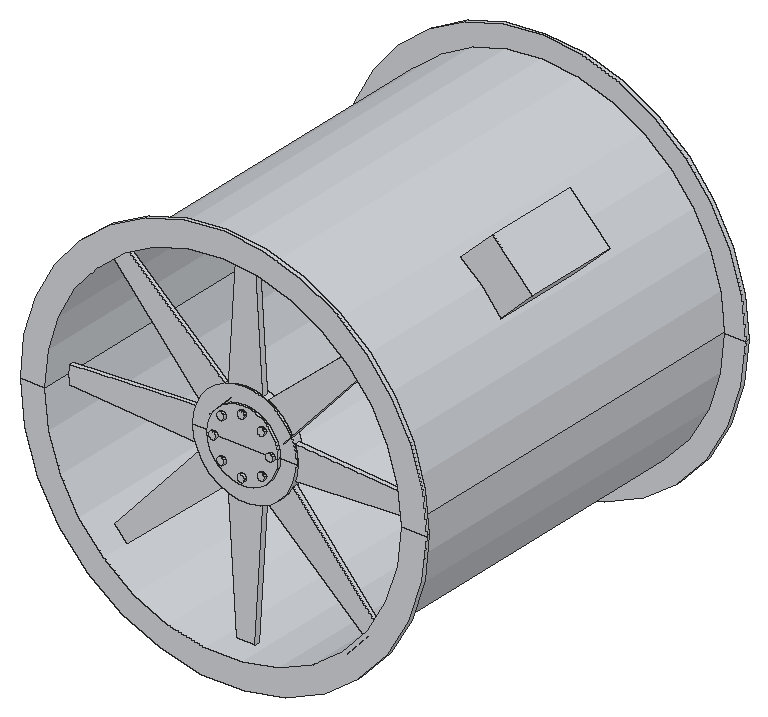
Revit family "CADS_Vent-Axia_MechEquip_Fan_LCA_500_3Ph2P - SUPPLY", category Mechanical Equipment, Revit 2020
Family settings
  Round Connector Dimension = Use Diameter
  Part Type = Normal
  OmniClass Number = 23.75.00.00
  OmniClass Title = Climate Control (HVAC)
  Work Plane-Based = No
  Always vertical = Yes
  Cut with Voids When Loaded = No
  Shared = No
  Room Calculation Point = No
Parameters (values of type "LCA503210")
  nr = NominalDiameter / 2  # 250 mm
  WorkingPressure = 0.0 Pa
  WarrantyStartDate [instance] = "1900-12-31T23:59:59"
  WarrantyPeriod = ""
  WarrantyIdentifier = "N/A"
  WarrantyGuarantorParts = "tech@vent-axia.com"
  WarrantyGuarantorLabor = "tech@vent-axia.com"
  WarrantyGuarantor = "Vent-Axia Limited"
  WarrantyEndDate [instance] = "1900-12-31T23:59:59"
  WarrantyContent = ""
  TemperatureRange = ""
  TagNumber [instance] = "N/A"
  SustainabilityPerformance = ""
  Status = "New"
  Size = ""
  Shape = ""
  ServiceLifeType = ""
  ServiceLifeDuration = ""
  SerialNumber [instance] = "N/A"
  ReplacementCost = ""
  RatedVoltage = 0 V
  RatedCurrent = 0 A
  Quantity = 1
  ProductionYear = ""
  PressureCurve = ""
  PowerFactor = ""
  PointOfContact = ""
  NumberOfPoles = 0
  NominalWidth = 500 mm
  NominalLength = 565 mm
  NominalHeight = 500 mm
  NominalFrequencyRange = ""
  NominalDiameter = 500 mm
  ModelReference = "LCAX 500mm 3PH 2P 10DEG"
  ModelNumber = "LCA503210"
  Material = ""
  ManufacturerE-Mail = "tech@vent-axia.com"
  ManufacturerAddress = "Fleming Way\nCrawley \nRH10 9YX"
  IsExtendedWarranty = no
  InsulationStandardClass = ""
  InstallationDate [instance] = "1900-12-31T23:59:59"
  IfcExportType [instance] = ""
  IfcExportAs = "IfcFanType"
  IP_Code = ""
  HasProtectiveEarth = no
  GrossWeight = 0.00 kg
  Grade = ""
  GlobalTradeItemNumber [instance] = "N/A"
  Fitting Type = "Ignore"
  Finish = ""
  Features = ""
  ExteriorInsulation = no
  ExpectedServiceLife = 0
  Exclusions = ""
  DurationUnit = "Year"
  Default Elevation = 0 mm
  Constituents = ""
  ConductorFunction = ""
  Color = ""
  CodePerformance = ""
  Category = ""
  CADS_Usage = 0
  CADS_Index = 0
  AssetType = "FIXED"
  AssetIdentifier [instance] = "N/A"
  AssemblyPlace = "UNKNOWN"
  ArticleNumber [instance] = "N/A"
  AirflowRateRange = 0.0 L/s
  Air Flow [instance] = 0.0 L/s
  AccessibilityPerformance = ""
Types (16, lengths in mm): name | ModelReference | ModelNumber
  LCA503210 | "LCAX 500mm 3PH 2P 10DEG" | "LCA503210"
  LCA503212 | "LCAX 500mm 3PH 2P 12DEG" | "LCA503212"
  LCA503214 | "LCAX 500mm 3PH 2P 14DEG" | "LCA503214"
  LCA503216 | "LCAX 500mm 3PH 2P 16DEG" | "LCA503216"
  LCA503218 | "LCAX 500mm 3PH 2P 18DEG" | "LCA503218"
  LCA503220 | "LCAX 500mm 3PH 2P 20DEG" | "LCA503220"
  LCA503222 | "LCAX 500mm 3PH 2P 22DEG" | "LCA503222"
  LCA503224 | "LCAX 500mm 3PH 2P 24DEG" | "LCA503224"
  LCA503226 | "LCAX 500mm 3PH 2P 26DEG" | "LCA503226"
  LCA503228 | "LCAX 500mm 3PH 2P 28DEG" | "LCA503228"
  LCA503230 | "LCAX 500mm 3PH 2P 30DEG" | "LCA503230"
  LCA503232 | "LCAX 500mm 3PH 2P 32DEG" | "LCA503232"
  LCA503234 | "LCAX 500mm 3PH 2P 34DEG" | "LCA503234"
  LCA503236 | "LCAX 500mm 3PH 2P 36DEG" | "LCA503236"
  LCA503238 | "LCAX 500mm 3PH 2P 38DEG" | "LCA503238"
  LCA503240 | "LCAX 500mm 3PH 2P 40DEG" | "LCA503240"
Reference planes
  plane 1 "Center (Front/Back)": y = 0
  plane 2: z = 0
  plane 3 "Center (Left/Right)": x = 0
  plane 4: x = -250
  plane 5: x = 250
  plane 6 "F": y = -282.5
  plane 7 "B": y = 282.5
  plane 8: x = -285
  plane 9: y = 277.5
  plane 10: y = -277.5
  plane 11: x = -255
  plane 12: y = -242.5
  plane 13 "top": z = 250
  plane 14: z = -250
  plane 15 "45deg": through (0, -1524, 0) normal (-0.7071, 0, -0.7071)
  plane 16 "C": through (0, -1524, 0) normal (-0.7071, 0, 0.7071)
Forms (mm)
  Revolve 1, solid
    sketch origin (0, 0, 0) x (1, 0, 0) y (0, 1, 0)
      loop
        line (-285, -282.5) -> (-250, -282.5) -> (-250, 282.5) -> (-285, 282.5) -> (-285, 277.5) -> (-255, 277.5) -> (-255, -277.5) -> (-285, -277.5) -> (-285, -282.5)
      axis (0, 282.5) -> (0, -282.5)
    angle from 0 to 360
  Sweep 2, solid
    path origin (0, 0, 0) x (1, 0, 0) y (0, 0, 1)
      loop
        line (176.777, 176.777) -> (222.739, 222.739)
    profile origin (199.758, 0, 199.758) x (-0.707107, 0, 0.707107) y (0, -1, 0)
      loop
        line (37.5, 55) -> (-42.73, 55) -> (-42.73, -79.5) -> (37.5, -79.5) -> (37.5, 55)
Dimensions and locks
  equal spacing: plane 4, plane 3 "Center (Left/Right)", plane 5
  equal spacing: plane 7 "B", plane 1 "Center (Front/Back)", plane 6 "F"
  "NominalLength": plane 7 "B" to plane 6 "F"
  "NominalDiameter": plane 4 to plane 5
  locked: plane 11 to plane 4 at 5
  locked: plane 8 to plane 11 at 30
  locked: plane 6 "F" to plane 10 at 5
  locked: plane 7 "B" to plane 9 at 5
  locked: plane 6 "F" to plane 12 at 40
  equal spacing: plane 13 "top", level, plane 14
  "NominalDiameter": plane 13 "top" to plane 14
  "nr": Sweep 2 sketch curve to nested 13
  Sweep 2 sketch curve to Sweep 2 sketch curve = 65 mm
  aligned and locked: level to plane 2
  aligned and locked: nested 1 to plane 12
Automatic sketch dimensions
  plane 6 "F" to Revolve 1 sketch curve = 0 mm
  Revolve 1 sketch curve to plane 8 = 0 mm  (x2)
  plane 10 to Revolve 1 sketch curve = 0 mm
  Revolve 1 sketch curve to plane 11 = 0 mm
  Revolve 1 sketch curve to plane 4 = 0 mm
  Revolve 1 sketch curve to plane 3 "Center (Left/Right)" = 0 mm
  plane 1 "Center (Front/Back)" to Revolve 1 sketch curve = 0 mm
  Revolve 1 sketch curve to plane 9 = 0 mm
  Revolve 1 sketch curve to plane 7 "B" = 0 mm
  plane 6 "F" to Revolve 1 sketch curve = 115 mm
  plane 1 "Center (Front/Back)" to Sweep 2 sketch curve = 55 mm
  Sweep 2 sketch curve to profile plane = 37.5 mm
  Sweep 2 sketch curve to Sweep 2 sketch curve = 80.23 mm
  Sweep 2 sketch curve to Sweep 2 sketch curve = 134.5 mm
  Sweep 2 sketch curve to plane 16 "C" = 0 mm  (x2)
Nested families
  nested 1: "Fan for ESC" at (0, -242.5, 0), ND <- "NominalDiameter", type "Fan for ESC"
    with hub 50 mm, ND 500 mm, BoltPCD 40 mm, Bolt Count 8, B_Diam 10 mm
  nested 2: "Bolts" at (0, -251.672, -40) x (-1, 0, 0) z (0, 1, 0), type "Bolts"
    with bd 10 mm
  nested 3: "Bolts" at (-28.284, -251.672, -28.284) x (-0.7071, 0, 0.7071) z (0, 1, 0), type "Bolts"
    with bd 10 mm
  nested 4: "Bolts" at (-40, -251.672, 0) x (0, 0, 1) z (0, 1, 0), type "Bolts"
    with bd 10 mm
  nested 5: "Bolts" at (-28.284, -251.672, 28.284) x (0.7071, 0, 0.7071) z (0, 1, 0), type "Bolts"
    with bd 10 mm
  nested 6: "Bolts" at (28.284, -251.672, 28.284) x (0.7071, 0, -0.7071) z (0, 1, 0), type "Bolts"
    with bd 10 mm
  nested 7: "Bolts" at (0, -251.672, 40) x (1, 0, 0) z (0, 1, 0), type "Bolts"
    with bd 10 mm
  nested 8: "ESC Blade" at (0, -242.5, 0), type "ESC Blade"
    with a 20.00°, HR 50 mm, HD 100 mm, BT 25 mm, BR 200 mm, BH 40 mm, BD 500 mm, BB 50 mm
  nested 9: "ESC Blade" at (0, -242.5, 0) x (0.7071, 0, -0.7071) z (0.7071, 0, 0.7071), type "ESC Blade"
    with a 20.00°, HR 50 mm, HD 100 mm, BT 25 mm, BR 200 mm, BH 40 mm, BD 500 mm, BB 50 mm
  nested 10: "ESC Blade" at (0, -242.5, 0) x (0, 0, -1) z (1, 0, 0), type "ESC Blade"
    with a 20.00°, HR 50 mm, HD 100 mm, BT 25 mm, BR 200 mm, BH 40 mm, BD 500 mm, BB 50 mm
  nested 11: "ESC Blade" at (0, -242.5, 0) x (-0.7071, 0, -0.7071) z (0.7071, 0, -0.7071), type "ESC Blade"
    with a 20.00°, HR 50 mm, HD 100 mm, BT 25 mm, BR 200 mm, BH 40 mm, BD 500 mm, BB 50 mm
  nested 12: "ESC Blade" at (0, -242.5, 0) x (-1, 0, 0) z (0, 0, -1), type "ESC Blade"
    with a 20.00°, HR 50 mm, HD 100 mm, BT 25 mm, BR 200 mm, BH 40 mm, BD 500 mm, BB 50 mm
  nested 13: "ESC Blade" at (0, -242.5, 0) x (-0.7071, 0, -0.7071) z (-0.7071, 0, 0.7071), type "ESC Blade"
    with a 20.00°, HR 50 mm, HD 100 mm, BT 25 mm, BR 200 mm, BH 40 mm, BD 500 mm, BB 50 mm
  nested 14: "ESC Blade" at (0, -242.5, 0) x (0, 0, -1) z (-1, 0, 0), type "ESC Blade"
    with a 20.00°, HR 50 mm, HD 100 mm, BT 25 mm, BR 200 mm, BH 40 mm, BD 500 mm, BB 50 mm
  nested 15: "ESC Blade" at (0, -242.5, 0) x (0.7071, 0, -0.7071) z (-0.7071, 0, -0.7071), type "ESC Blade"
    with a 20.00°, HR 50 mm, HD 100 mm, BT 25 mm, BR 200 mm, BH 40 mm, BD 500 mm, BB 50 mm
  nested 16: "Bolts" at (40, -251.672, 0) x (0, 0, -1) z (0, 1, 0), type "Bolts"
    with bd 10 mm
  nested 17: "Bolts" at (28.284, -251.672, -28.284) x (-0.7071, 0, -0.7071) z (0, 1, 0), type "Bolts"
    with bd 10 mm
Connectors
  hvac at (0, -282.5, 0), driven by "NominalDiameter", driven by "Air Flow"
    settings: on Revolve 1, index 1, duct flow 0.0 L/s, flow factor 0, pres drop 0.0 Pa, loss coef 0, conn angle 0.00°, conn width 304.8 mm, conn height 304.8 mm, conn diameter 500 mm, duct sys type 1, conn prof type 0, flow config 1, flow direction 1, loss method 0, conn ref index -1, conn util no, is conn primary yes, conn desc ""
  hvac at (0, 282.5, 0), driven by "NominalDiameter", driven by "Air Flow"
    settings: on Revolve 1, index 2, duct flow 0.0 L/s, flow factor 0, pres drop 0.0 Pa, loss coef 0, conn angle 0.00°, conn width 304.8 mm, conn height 304.8 mm, conn diameter 500 mm, duct sys type 1, conn prof type 0, flow config 0, flow direction 2, loss method 0, conn ref index -1, conn util no, is conn primary no, conn desc ""
Definition of nested family "Fan for ESC"
  Parameters (values of type "Fan for ESC")
    hub [instance] = ND / 10  # 56.7 mm
    ND [instance] = 567 mm
    Model = "."
    Default Elevation = 0 mm
    BoltPCD [instance] = hub - (hub * 0.2)  # 45.36 mm
    Bolt Count [instance] = if(hub < 50 mm, 6, 8)  # 8
    B_Diam [instance] = if(hub < 50 mm, 5 mm, 10 mm)  # 10 mm
  Reference planes
    plane 1 "Center (Front/Back)": y = 0
    plane 2: z = 0
    plane 3 "Center (Left/Right)": x = 0
    plane 4 "back": y = 20
    plane 5 "bolts": y = -9.172
    plane 6 "B": z = 56.7
    plane 7: x = -79.287
    plane 8: x = -56.7
    plane 9 "hubface": y = -6.172
  Forms (mm)
    Revolve 1, solid
      sketch origin (0, 0, 0) x (1, 0, 0) y (0, 1, 0)
        loop
          line (0, 20) -> (-56.7, 20) -> (-56.7, 10.504) -> (-79.287, 10.504) -> (-79.287, -2.597) -> (-56.7, -2.597) -> (-56.7, -6.172) -> (0, -6.172) -> (0, 20)
        axis (0, 20) -> (0, -6.172)
      angle from 0 to 360
    Extrusion 2, solid, not visible
      sketch origin (0, -6.347, -4) x (-1, 0, 0) y (0, 0, 1)
        loop
          circle (0, 84) r 5
      from 0 to 3
  Lines and regions (mm)
    symbolic lines
      curve 1: circle (0, -9.172, 0) r 45.36 normal (0, 1, 0)
    model lines, not visible
      curve 2: line (0, -6.347, 85) -> (0, -6.347, 75)
  Dimensions and locks
    "hub": plane 6 "B" to plane 2
    "hub": nested 3 to plane 3 "Center (Left/Right)"
    "hub": nested 4 to plane 3 "Center (Left/Right)"
    "hub": nested 5 to plane 3 "Center (Left/Right)"
    "hub": plane 3 "Center (Left/Right)" to nested 6
    "hub": Revolve 1 sketch curve to Revolve 1 sketch curve
    "hub": plane 3 "Center (Left/Right)" to nested 7
    "hub": plane 3 "Center (Left/Right)" to nested 8
    "hub": plane 3 "Center (Left/Right)" to nested 9
    "hub": plane 8 to plane 3 "Center (Left/Right)"
    plane 7 to plane 8 = 22.587 mm
    diameter of Extrusion 2 sketch curve = 10 mm
    "BoltPCD": radius of curve 1
    "BoltPCD": radius of radial array
    aligned and locked: level to plane 2
    aligned and locked: plane 6 "B" to nested 1
  Automatic sketch dimensions
    Revolve 1 sketch curve to plane 7 = 0 mm
    Revolve 1 sketch curve to plane 8 = 0 mm  (x2)
    Revolve 1 sketch curve to plane 3 "Center (Left/Right)" = 0 mm
    Revolve 1 sketch curve to plane 9 "hubface" = 0 mm
    plane 4 "back" to Revolve 1 sketch curve = 0 mm
    plane 1 "Center (Front/Back)" to Revolve 1 sketch curve = 2.597 mm
    plane 4 "back" to Revolve 1 sketch curve = 9.496 mm
    Revolve 1 sketch curve to Revolve 1 sketch curve = 5 mm
    Revolve 1 sketch curve to plane 4 "back" = 45 mm
    curve 1 to level = 0 mm
    curve 1 to plane 3 "Center (Left/Right)" = 0 mm
  Nested families
    nested 1: "ESC Blade" at (0, 0, 0), BD <- "ND", HD <- "hub", type "ESC Blade"
      with a 20.00°, HR 56.7 mm, HD 113.4 mm, BT 28.35 mm, BR 226.8 mm, BH 40 mm, BD 567 mm, BB 56.7 mm
    nested 2: "ESC Blade" at (0, 0, 755), BD <- "ND", HD <- "hub", type "ESC Blade", not visible
      with a 20.00°, HR 56.7 mm, HD 113.4 mm, BT 28.35 mm, BR 226.8 mm, BH 40 mm, BD 567 mm, BB 56.7 mm
    nested 3: "ESC Blade" at (0, 0, 0) x (0.7071, 0, -0.7071) z (0.7071, 0, 0.7071), BD <- "ND", HD <- "hub", type "ESC Blade"
      with a 20.00°, HR 56.7 mm, HD 113.4 mm, BT 28.35 mm, BR 226.8 mm, BH 40 mm, BD 567 mm, BB 56.7 mm
    nested 4: "ESC Blade" at (0, 0, 0) x (0, 0, -1) z (1, 0, 0), BD <- "ND", HD <- "hub", type "ESC Blade"
      with a 20.00°, HR 56.7 mm, HD 113.4 mm, BT 28.35 mm, BR 226.8 mm, BH 40 mm, BD 567 mm, BB 56.7 mm
    nested 5: "ESC Blade" at (0, 0, 0) x (-0.7071, 0, -0.7071) z (0.7071, 0, -0.7071), BD <- "ND", HD <- "hub", type "ESC Blade"
      with a 20.00°, HR 56.7 mm, HD 113.4 mm, BT 28.35 mm, BR 226.8 mm, BH 40 mm, BD 567 mm, BB 56.7 mm
    nested 6: "ESC Blade" at (0, 0, 0) x (-1, 0, 0) z (0, 0, -1), BD <- "ND", HD <- "hub", type "ESC Blade"
      with a 20.00°, HR 56.7 mm, HD 113.4 mm, BT 28.35 mm, BR 226.8 mm, BH 40 mm, BD 567 mm, BB 56.7 mm
    nested 7: "ESC Blade" at (0, 0, 0) x (-0.7071, 0, -0.7071) z (-0.7071, 0, 0.7071), BD <- "ND", HD <- "hub", type "ESC Blade"
      with a 20.00°, HR 56.7 mm, HD 113.4 mm, BT 28.35 mm, BR 226.8 mm, BH 40 mm, BD 567 mm, BB 56.7 mm
    nested 8: "ESC Blade" at (0, 0, 0) x (0, 0, -1) z (-1, 0, 0), BD <- "ND", HD <- "hub", type "ESC Blade"
      with a 20.00°, HR 56.7 mm, HD 113.4 mm, BT 28.35 mm, BR 226.8 mm, BH 40 mm, BD 567 mm, BB 56.7 mm
    nested 9: "ESC Blade" at (0, 0, 0) x (0.7071, 0, -0.7071) z (-0.7071, 0, -0.7071), BD <- "ND", HD <- "hub", type "ESC Blade"
      with a 20.00°, HR 56.7 mm, HD 113.4 mm, BT 28.35 mm, BR 226.8 mm, BH 40 mm, BD 567 mm, BB 56.7 mm
    nested 10: "Bolts" at (0, -9.172, 45.36) x (1, 0, 0) z (0, 1, 0), bd <- "B_Diam", type "Bolts"
      with bd 10 mm
    nested 11: "Bolts" at (32.074, -9.172, 32.074) x (0.7071, 0, -0.7071) z (0, 1, 0), bd <- "B_Diam", type "Bolts"
      with bd 10 mm
    nested 12: "Bolts" at (-32.074, -9.172, 32.074) x (0.7071, 0, 0.7071) z (0, 1, 0), bd <- "B_Diam", type "Bolts"
      with bd 10 mm
    nested 13: "Bolts" at (-45.36, -9.172, 0) x (0, 0, 1) z (0, 1, 0), bd <- "B_Diam", type "Bolts"
      with bd 10 mm
    nested 14: "Bolts" at (-32.074, -9.172, -32.074) x (-0.7071, 0, 0.7071) z (0, 1, 0), bd <- "B_Diam", type "Bolts"
      with bd 10 mm
    nested 15: "Bolts" at (0, -9.172, -45.36) x (-1, 0, 0) z (0, 1, 0), bd <- "B_Diam", type "Bolts"
      with bd 10 mm
    nested 16: "Bolts" at (32.074, -9.172, -32.074) x (-0.7071, 0, -0.7071) z (0, 1, 0), bd <- "B_Diam", type "Bolts"
      with bd 10 mm
    nested 17: "Bolts" at (45.36, -9.172, 0) x (0, 0, -1) z (0, 1, 0), bd <- "B_Diam", type "Bolts"
      with bd 10 mm
  Definition of nested family "ESC Blade"
    Parameters (values of type "ESC Blade")
      a [instance] = 20.00°
      HR [instance] = HD / 2  # 30 mm
      HD [instance] = BD / 5  # 60 mm
      Default Elevation = 1219.2 mm
      BT [instance] = BD / 20  # 15 mm
      BR [instance] = (BD / 2) - HR  # 120 mm
      BH [instance] = 40 mm
      BD [instance] = 300 mm
      BB [instance] = BD / 10  # 30 mm
    Reference planes
      plane 1 "Center (Front/Back)": y = 0
      plane 2: z = 0
      plane 3 "Center (Left/Right)": x = 0
      plane 4 "Blade Bot": z = 30
      plane 5: x = -15
      plane 6: x = 15
      plane 7: x = -7.5
      plane 8: x = 7.5
    Forms (mm)
      Blend 1, solid
        base sketch origin (0, 0, 30) x (-1, 0, 0) y (0, -1, 0)
          loop
            line (15, 0) -> (-15, 0) -> (-15, -6) -> (15, -6) -> (15, 0)
        top sketch origin (0, 0, 30) x (-1, 0, 0) y (0, -1, 0)
          loop
            line (7.5, -6) -> (7.5, 0) -> (-7.5, 0) -> (-7.5, -6) -> (7.5, -6)
        from 0 to 120 <- "BR"
    Dimensions and locks
      "HR": plane 4 "Blade Bot" to level
      equal spacing: plane 8, plane 3 "Center (Left/Right)", plane 7
      "BT": plane 8 to plane 7
      equal spacing: plane 6, plane 3 "Center (Left/Right)", plane 5
      "BB": plane 6 to plane 5
      aligned and locked: level to plane 2
    Automatic sketch dimensions
      plane 1 "Center (Front/Back)" to Blend 1 sketch curve = 0 mm  (x2)
      Blend 1 sketch curve to plane 6 = 0 mm
      Blend 1 sketch curve to plane 5 = 0 mm
      Blend 1 sketch curve to plane 1 "Center (Front/Back)" = 6 mm  (x2)
      Blend 1 sketch curve to plane 8 = 0 mm
      Blend 1 sketch curve to plane 7 = 0 mm
  Definition of nested family "Bolts"
    Parameters
      bd [instance] = 10 mm
      Default Elevation = 1219.2 mm
    Reference planes
      plane 1 "Center (Front/Back)": y = 0
      plane 2: z = 0
      plane 3 "Center (Left/Right)": x = 0
    Forms (mm)
      Extrusion 1, solid
        sketch origin (0, 0, 0) x (1, 0, 0) y (0, 1, 0)
          loop
            line (-1219.2, 1219.2) -> (-1219.2, -1219.2) -> (1219.2, -1219.2) -> (1219.2, 1219.2) -> (-1219.2, 1219.2)
        from 0 to -304.8
      Extrusion 2, solid
        sketch origin (0, 0, 0) x (1, 0, 0) y (0, 1, 0)
          loop
            circle (0, 0) r 5
        from 0 to 3
    Dimensions and locks
      "bd": diameter of Extrusion 2 sketch curve
      aligned and locked: plane 2 to Extrusion 1
      aligned and locked: level to Extrusion 1
    Automatic sketch dimensions
      Extrusion 1 sketch curve to Extrusion 1 sketch curve = 2438.4 mm  (x2)
      plane 1 "Center (Front/Back)" to Extrusion 2 sketch curve = 0 mm
      Extrusion 2 sketch curve to plane 3 "Center (Left/Right)" = 0 mm
Definition of nested family "Bolts"
  Parameters
    bd [instance] = 10 mm
    Default Elevation = 1219.2 mm
  Reference planes
    plane 1 "Center (Front/Back)": y = 0
    plane 2: z = 0
    plane 3 "Center (Left/Right)": x = 0
  Forms (mm)
    Extrusion 1, solid
      sketch origin (0, 0, 0) x (1, 0, 0) y (0, 1, 0)
        loop
          line (-1219.2, 1219.2) -> (-1219.2, -1219.2) -> (1219.2, -1219.2) -> (1219.2, 1219.2) -> (-1219.2, 1219.2)
      from 0 to -304.8
    Extrusion 2, solid
      sketch origin (0, 0, 0) x (1, 0, 0) y (0, 1, 0)
        loop
          circle (0, 0) r 5
      from 0 to 3
  Dimensions and locks
    "bd": diameter of Extrusion 2 sketch curve
    aligned and locked: plane 2 to Extrusion 1
    aligned and locked: level to Extrusion 1
  Automatic sketch dimensions
    Extrusion 1 sketch curve to Extrusion 1 sketch curve = 2438.4 mm  (x2)
    plane 1 "Center (Front/Back)" to Extrusion 2 sketch curve = 0 mm
    Extrusion 2 sketch curve to plane 3 "Center (Left/Right)" = 0 mm
Definition of nested family "ESC Blade"
  Parameters (values of type "ESC Blade")
    a [instance] = 20.00°
    HR [instance] = HD / 2  # 30 mm
    HD [instance] = BD / 5  # 60 mm
    Default Elevation = 1219.2 mm
    BT [instance] = BD / 20  # 15 mm
    BR [instance] = (BD / 2) - HR  # 120 mm
    BH [instance] = 40 mm
    BD [instance] = 300 mm
    BB [instance] = BD / 10  # 30 mm
  Reference planes
    plane 1 "Center (Front/Back)": y = 0
    plane 2: z = 0
    plane 3 "Center (Left/Right)": x = 0
    plane 4 "Blade Bot": z = 30
    plane 5: x = -15
    plane 6: x = 15
    plane 7: x = -7.5
    plane 8: x = 7.5
  Forms (mm)
    Blend 1, solid
      base sketch origin (0, 0, 30) x (-1, 0, 0) y (0, -1, 0)
        loop
          line (15, 0) -> (-15, 0) -> (-15, -6) -> (15, -6) -> (15, 0)
      top sketch origin (0, 0, 30) x (-1, 0, 0) y (0, -1, 0)
        loop
          line (7.5, -6) -> (7.5, 0) -> (-7.5, 0) -> (-7.5, -6) -> (7.5, -6)
      from 0 to 120 <- "BR"
  Dimensions and locks
    "HR": plane 4 "Blade Bot" to level
    equal spacing: plane 8, plane 3 "Center (Left/Right)", plane 7
    "BT": plane 8 to plane 7
    equal spacing: plane 6, plane 3 "Center (Left/Right)", plane 5
    "BB": plane 6 to plane 5
    aligned and locked: level to plane 2
  Automatic sketch dimensions
    plane 1 "Center (Front/Back)" to Blend 1 sketch curve = 0 mm  (x2)
    Blend 1 sketch curve to plane 6 = 0 mm
    Blend 1 sketch curve to plane 5 = 0 mm
    Blend 1 sketch curve to plane 1 "Center (Front/Back)" = 6 mm  (x2)
    Blend 1 sketch curve to plane 8 = 0 mm
    Blend 1 sketch curve to plane 7 = 0 mm
